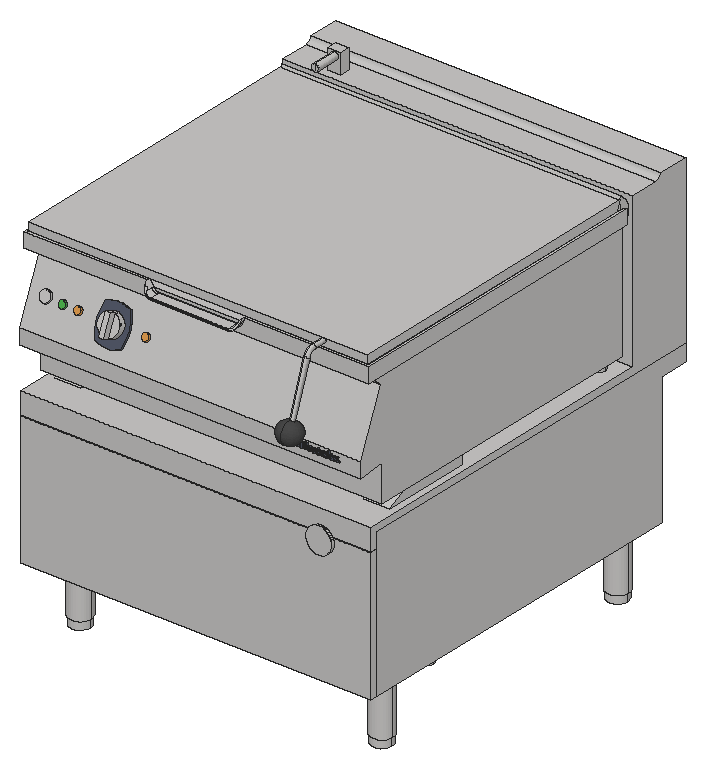
Revit family "QF_ELECTROLUXPROFESSIONAL_391137_E9BRGHDOFM", category Specialty Equipment, Revit 2018
Family settings
  Round Connector Dimension = Use Diameter
  Part Type = Normal
  Work Plane-Based = No
  Always vertical = Yes
  Cut with Voids When Loaded = No
  Shared = No
  Room Calculation Point = No
Parameters
  Width = 800 mm  # constant formula
  Weight in Pounds = 150  # constant formula
  Watts = 250 VA  # 250 W
  Volts = 230 V  # constant formula
  URL Cutsheet = "www.electrolux.com"
  URL = "www.electrolux.com"
  Type Mark [instance] = ""
  Status [instance] = ""
  Specification by User [instance] = ""
  Specification by Manufacturer = ""
  Show Logo [instance] = yes
  Show Clearance [instance] = yes
  Serial Number = ""
  Seismic Rating = ""
  SMACNA No = ""
  Revision Code [instance] = ""
  Plumbing Remarks [instance] = ""
  Plumbing Connection Type [instance] = ""
  Phase = 1
  Omniclass Number and Title = ""
  Number of Poles [instance] = 1
  NAFEM Spec ID Number = ""
  Model = "391137"
  Min Ckt Ampacity = 0 A
  Mechanical Remarks [instance] = ""
  Mechanical Connection Type [instance] = ""
  Max Overcurrent Protection = 0 A
  Masterspec = ""
  Manufacturer = "ELECTROLUX"
  Item Number [instance] = ""
  Installed By [instance] = ""
  Identify Quantity as Lot [instance] = yes
  Height = 850 mm  # constant formula
  HP = "0.1 HP"
  Gas Size = 12.7 mm  # 1/2"
  Gas RI Height [instance] = 0 mm
  Gas KW = 21  # constant formula
  Gas Input = 20980.7 VA  # 71589.0 Btu/h
  Gas Connection Height [instance] = 0 mm
  Furnished By [instance] = ""
  Foodservice Equipment Identifier [instance] = yes
  FL Amps = if(Phase = 3, Watts / (Volts * 1.73), Watts / Volts)  # 1.08696 A
  Electrical Remarks [instance] = "230 V/1N ph/50/60 Hz"  # constant formula
  Electric Connection Type [instance] = ""
  Elec Conn RI Height [instance] = 0 mm
  Elec Conn Connection Height [instance] = 0 mm
  Direct Waste Size = 0"
  Description = "900XP GAS BRATT PAN – 80 LITER WITH DUOMAT BOTTOM AND AUTOMATIC TILTING"
  Depth = 915 mm  # constant formula
  Cycle [instance] = if([60 Hertz Option], 60 Hz, 50 Hz)  # 60 Hz
  Conn Plug = ""
  Conn Conduit = yes
  Cold Water Temperature Recommended [instance] = -459.67 °F
  Cold Water Size = 3/4"
  Cold Water RI Height [instance] = 0 mm
  Cold Water Minimum Pressure = 0.00 psi
  Cold Water Maximum Pressure = 0.00 psi
  Cold Water Flow [instance] = 0 GPM
  Cold Water Consumption = ""
  Cold Water Connection Height = 0 mm
  CSI MasterFormat = ""
  CSI Master Format = ""
  Assembly Code = ""
  Apparent Power = if(Phase = 3, Volts * FL Amps * 1.73, Volts * FL Amps)  # 250 VA
  60 Hertz Option [instance] = not([50 Hertz Option])  # yes
  50 Hertz Option [instance] = no
Reference planes
  plane 1 "BACK": y = 0
  plane 2: z = 0
  plane 3 "LEFT": x = 0
  plane 4 "RIGHT": x = 800
  plane 5 "FRONT": y = -915
  plane 6 "TOP": z = 898
  plane 7 "Center Y": x = 400
  plane 8 "Center X": y = -457.5
  plane 9 "Base": z = 149
  plane 10: z = 502.193
  plane 11: z = 1653
  plane 12: y = -125
  plane 13: y = -799
  plane 14: x = 55
  plane 15: y = -160.853
  plane 16: x = 745
  plane 17: y = -1014
  plane 18: y = -899.182
  plane 19: x = 786
  plane 20: z = 850
  plane 21 "Connection": z = 182
  plane 22: y = -706
  plane 23: x = 265
  plane 24: x = 105
  plane 25: x = 195
Forms (mm)
  Revolve 1, solid, material "QF_Finishes_Stainless Steel"
    sketch origin (0, -125, 0) x (1, 0, 0) y (0, 0, 1)
      loop
        line (55, 0) -> (55, 149) -> (29.6, 149) -> (29.6, 19.05) -> (32.1, 19.05) -> (32.1, 0) -> (55, 0)
      axis (55, 0) -> (55, 149)
    angle from 0 to 360
  Revolve 2, solid, material "QF_Finishes_Stainless Steel"
    sketch origin (0, -799, 0) x (1, 0, 0) y (0, 0, 1)
      loop
        line (55, 0) -> (55, 149) -> (29.6, 149) -> (29.6, 19.05) -> (32.1, 19.05) -> (32.1, 0) -> (55, 0)
      axis (55, 0) -> (55, 149)
    angle from 0 to 360
  Extrusion 3, solid, material "QF_Finishes_Stainless Steel"
    sketch origin (0, -214.682, 0) x (0, 1, 0) y (0, 0, 1)
      loop
        line (214.682, 487.193) -> (214.682, 866.248) -> (143.055, 866.248)
        arc (143.055, 866.248) -> (139.432, 857.502) -> (130.686, 853.88) r 12.368
        line (130.686, 853.88) -> (64.682, 853.88) -> (64.682, 502.193) -> (-684.5, 502.193) -> (-684.5, 452.193) -> (-669.5, 452.193) -> (-669.5, 487.193) -> (214.682, 487.193)
      loop
        line (-669.5, 149) -> (-669.5, 451.193) -> (-684.5, 451.193) -> (-684.5, 149) -> (-669.5, 149)
    from 0 to 800
  Extrusion 4, solid, material "QF_Finishes_Stainless Steel"
    sketch origin (0, -214.682, 0) x (0, 1, 0) y (0, 0, 1)
      loop
        line (44.029, 528.406) -> (44.029, 817.127) -> (-678.5, 817.127) -> (-678.5, 809.681) -> (-643.264, 774.446) -> (-700.318, 641.094) -> (-700.318, 606.094) -> (-640.765, 613.406) -> (-640.765, 528.406) -> (44.029, 528.406)
    from 10 to 790
  Sweep 5, solid, material "QF_Finishes_Stainless Steel"
    path origin (0, -204.882, 145) x (-1, 0, 0) y (0, -1, 0)
      loop
        line (-290, 694.3) -> (-5, 694.3) -> (-5, -44.029) -> (-795, -44.029) -> (-795, 694.3) -> (-510, 694.3)
    profile origin (652.5, -899.182, 145) x (0, -1, 0) y (0, 0, 1)
      loop
        line (-5, 651.359) -> (0, 651.359) -> (0, 685.301) -> (-6, 685.301) -> (-6, 681.062) -> (-5, 681.062) -> (-5, 651.359)
  Extrusion 6, solid, material "QF_Finishes_Stainless Steel"
    sketch origin (0, -214.682, -5) x (0, 1, 0) y (0, 0, 1)
      loop
        line (33.715, 835.301) -> (42.572, 855) -> (-677.138, 855) -> (-677.138, 835.301) -> (33.715, 835.301)
      loop
        arc (64.305, 837.022) -> (57.071, 850.749) -> (45.92, 861.539) r 49.182
        line (45.92, 861.539) -> (39.069, 846.301) -> (45.904, 846.301) -> (45.904, 832.604) -> (64.305, 814.204) -> (64.305, 837.022)
    from 12.363 to 787.637
  Extrusion 7, solid, material "QF_Finishes_Stainless Steel"
    sketch origin (0, -214.682, 0) x (0, 1, 0) y (0, 0, 1)
      loop
        line (-403.818, 528.406) -> (-556.057, 528.406) -> (-609.801, 502.193) -> (-403.818, 502.193) -> (-403.818, 528.406)
    from 16.63 to 76.513
  Extrusion 8, solid, material "QF_Finishes_Stainless Steel"
    sketch origin (0, -207.182, 150) x (-1, 0, 0) y (0, -1, 0)
      loop
        circle (-46.571, -17.496) r 15
      loop
        circle (-753.429, -17.496) r 15
    from 352.193 to 383.406
  Extrusion 9, solid, material "QF_Finishes_Stainless Steel"
    sketch origin (0, -64.682, 0) x (0, 1, 0) y (0, 0, 1)
      loop
        line (-43.387, 853.88) -> (-43.387, 898) -> (-67.444, 898) -> (-67.444, 853.88) -> (-43.387, 853.88)
    from 87.469 to 116.843
  Revolve 10, solid, material "QF_Finishes_Stainless Steel"
    sketch origin (103.25, -64.682, 0) x (0, 1, 0) y (0, 0, 1)
      loop
        line (-67.444, 888.097) -> (-67.444, 896.222) -> (-123.629, 896.222) -> (-123.629, 888.097) -> (-67.444, 888.097)
      axis (-123.629, 888.097) -> (-67.444, 888.097)
    angle from 0 to 360
  Extrusion 11, solid, material "QF_Clearances", visible <- "Show Clearance", detail levels coarse
    sketch origin (0, -214.682, 0) x (1, 0, 0) y (0, 1, 0)
      loop
        line (800, 214.682) -> (800, -700.318) -> (850, -700.318) -> (850, 264.682) -> (-50, 264.682) -> (-50, -700.318) -> (0, -700.318) -> (0, 214.682) -> (800, 214.682)
    from 0 to 898
  Extrusion 12, solid, material "QF_Finishes_Stainless Steel"
    sketch origin (800, 0, 0) x (0, 1, 0) y (0, 0, 1)
      loop
        line (-884.182, 149) -> (-69, 149) -> (-69, 448) -> (0, 448) -> (0, 487.193) -> (-884.182, 487.193) -> (-884.182, 149)
    from 0 to -800
  Revolve 13, solid, material "QF_Finishes_Stainless Steel"
    sketch origin (1000, -125, 0) x (-1, 0, 0) y (0, 0, -1)
      loop
        line (255, 0) -> (232.1, 0) -> (232.1, -19.05) -> (229.6, -19.05) -> (229.6, -149) -> (255, -149) -> (255, 0)
      axis (255, 0) -> (255, -149)
    angle from 0 to 360
  Revolve 14, solid, material "QF_Finishes_Stainless Steel"
    sketch origin (1000, -799, 0) x (-1, 0, 0) y (0, 0, -1)
      loop
        line (255, 0) -> (232.1, 0) -> (232.1, -19.05) -> (229.6, -19.05) -> (229.6, -149) -> (255, -149) -> (255, 0)
      axis (255, 0) -> (255, -149)
    angle from 0 to 360
  Sweep 15, solid, material "QF_Finishes_Stainless Steel"
    path origin (8.84, -214.682, -10) x (0, 1, 0) y (0, 0, 1)
      loop
        line (-677.138, 852.831) -> (-705.492, 852.831)
        arc (-705.492, 852.831) -> (-716.963, 849.214) -> (-724.286, 839.672) r 20
        line (-724.286, 839.672) -> (-765.322, 726.924)
    profile origin (8.84, -905.997, 842.831) x (0, 0, -1) y (1, 0, 0)
      loop
        circle (0, 676.16) r 5
  Revolve 16, solid, material "QF_Finishes_Black"
    sketch origin (685, -194.682, 0) x (0, 1, 0) y (0, 0, 1)
      loop
        line (-785.322, 716.924) -> (-792.738, 719.623)
        arc (-792.738, 719.623) -> (-818.978, 701.075) -> (-800.713, 674.638) r 22.845
        line (-800.713, 674.638) -> (-785.322, 716.924)
      axis (-785.322, 716.924) -> (-800.713, 674.638)
    angle from 0 to 360
  Extrusion 17, solid, material "QF_Finishes_Stainless Steel"
    sketch origin (800, -69, 149) x (-1, 0, 0) y (0, 1, 0)
      loop
        circle (14, -649.182) r 12.7
    from 0 to 5
  Extrusion 18, solid, material "QF_Finishes_Stainless Steel"
    sketch origin (-3.75, -899.182, 149) x (0, 0, 1) y (-1, 0, 0)
      loop
        circle (289.443, -688.75) r 30
    from 0 to 5
  Extrusion 19, solid, material "QF_Finishes_Stainless Steel"
    sketch origin (800, -214.682, 0) x (0, 1, 0) y (0, 0, -1)
      loop
        line (-403.818, -528.406) -> (-403.818, -502.193) -> (-609.801, -502.193) -> (-556.057, -528.406) -> (-403.818, -528.406)
    from 16.63 to 76.513
  Extrusion 20, solid, material "QF_Finishes_Stainless Steel"
    sketch origin (0, 0, 182) x (-1, 0, 0) y (0, -1, 0)
      loop
        circle (-105, 706) r 6.35
    from 0 to 45
  Extrusion 21, solid, material "QF_Finishes_Stainless Steel"
    sketch origin (21.213, 21.213, 182) x (-1, 0, 0) y (0, -1, 0)
      loop
        circle (-173.787, 719.213) r 6.35
    from 0 to 45
  Extrusion 22, solid, material "QF_Finishes_Stainless Steel"
    sketch origin (130, 0, 182) x (-1, 0, 0) y (0, -1, 0)
      loop
        circle (-135, 706) r 6.35
    from 0 to 45
  Extrusion 23, solid, material "QF_Finishes_Stainless Steel"
    sketch origin (0, -201.682, -15.905) x (1, 0, 0) y (0, 0, 1)
      loop
        line (509.996, 839.805) -> (509.996, 846.205) -> (502.677, 833.527)
        arc (502.677, 833.527) -> (496.674, 827.524) -> (488.474, 825.327) r 16.4
        line (488.474, 825.327) -> (311.526, 825.327)
        arc (311.526, 825.327) -> (303.32, 827.526) -> (297.312, 833.534) r 16.413
        line (297.312, 833.534) -> (289.996, 846.205) -> (289.996, 839.805) -> (294.541, 831.934)
        arc (294.541, 831.934) -> (301.72, 824.755) -> (311.526, 822.127) r 19.613
        line (311.526, 822.127) -> (488.474, 822.127)
        arc (488.474, 822.127) -> (498.274, 824.753) -> (505.448, 831.927) r 19.6
        line (505.448, 831.927) -> (509.996, 839.805)
    from 697.5 to 717.595
  Extrusion 24, void
    sketch origin (900, 188.397, 1219.2) x (0, -1, 0) y (0, 0, 1)
      loop
        line (1110.167, -415.736) -> (1110.167, -387.945) -> (1093.05, -387.945) -> (1110.167, -415.736)
    from 390 to 610
  Extrusion 25, solid, material "QF_Finishes_Navy Blue"
    sketch origin (-55.546, -1052.067, 320.727) x (0, 0.393353, 0.919387) y (-1, 0, 0)
      loop
        arc (453.989, -230.321) -> (416.907, -221.34) -> (379.375, -228.202) r 91.844
        arc (379.375, -228.202) -> (372.249, -258.844) -> (379.375, -289.487) r 69.441
        arc (379.375, -289.487) -> (416.897, -296.198) -> (453.989, -287.419) r 93.759
        arc (453.989, -287.419) -> (460.218, -258.87) -> (453.989, -230.321) r 68.543
    from 0 to 3.175
  Extrusion 26, solid, material "QF_Finishes_Orange"
    sketch origin (9.372, -901.482, 672.689) x (0, 0.393353, 0.919387) y (-1, 0, 0)
      loop
        circle (34.513, -113.251) r 8
    from 0 to 3.175
  Extrusion 27, solid, material "QF_Finishes_Green"
    sketch origin (14.068, -901.51, 672.624) x (0, 0.393353, 0.919387) y (-1, 0, 0)
      loop
        circle (34.513, -73.251) r 8
    from 0 to 3.175
  Extrusion 28, solid, material "QF_Finishes_Stainless Steel"
    sketch origin (-159.296, -918.156, 641.79) x (0, 0.393353, 0.919387) y (-1, 0, 0)
      loop
        circle (68.826, -362.213) r 25.4
    from 0 to 12.7
  Extrusion 29, solid, material "QF_Finishes_Stainless Steel"
    sketch origin (-159.296, -929.832, 646.786) x (0, 0.393353, 0.919387) y (-1, 0, 0)
      loop
        arc (93.558, -367.999) -> (94.226, -362.213) -> (93.558, -356.427) r 25.4
        line (93.558, -356.427) -> (44.094, -356.427)
        arc (44.094, -356.427) -> (43.426, -362.213) -> (44.094, -367.999) r 25.4
        line (44.094, -367.999) -> (93.558, -367.999)
    from 0 to 12.7
  Extrusion 30, solid, material "QF_Finishes_Stainless Steel"
    sketch origin (10.937, -915, 641.094) x (0, 0.393353, 0.919387) y (-1, 0, 0)
      loop
        circle (71.473, -36.635) r 12.7
    from 0 to 3.2
  Extrusion 31, solid, material "QF_Finishes_Orange"
    sketch origin (164.372, -901.482, 672.689) x (0, 0.393353, 0.919387) y (-1, 0, 0)
      loop
        circle (34.513, -113.251) r 8
    from 0 to 3.175
  Extrusion 32, solid, material "QF_Clearances", visible <- "Show Clearance", detail levels coarse
    sketch origin (0, -996.643, 709.193) x (0, 0.238373, -0.971174) y (0, 0.971174, 0.238373)
      loop
        line (33.715, 835.301) -> (42.572, 855) -> (-677.138, 855) -> (-677.138, 835.301) -> (33.715, 835.301)
      loop
        arc (64.305, 837.022) -> (57.071, 850.749) -> (45.92, 861.539) r 49.182
        line (45.92, 861.539) -> (39.069, 846.301) -> (45.904, 846.301) -> (45.904, 832.604) -> (64.305, 814.204) -> (64.305, 837.022)
    from 12.363 to 787.637
  Sweep 33, solid, material "QF_Clearances", visible <- "Show Clearance", detail levels coarse
    path origin (8.84, -1001.499, 708.002) x (0, 0.238373, -0.971174) y (0, 0.971174, 0.238373)
      loop
        line (-677.138, 852.831) -> (-705.492, 852.831)
        arc (-705.492, 852.831) -> (-716.963, 849.214) -> (-724.286, 839.672) r 20
        line (-724.286, 839.672) -> (-765.322, 726.924)
    profile origin (8.84, -338.043, 1582.68) x (0, -0.971174, -0.238373) y (1, 0, 0)
      loop
        circle (0, 676.16) r 5
  Revolve 34, solid, material "QF_Clearances", visible <- "Show Clearance", detail levels coarse
    sketch origin (685, -987.02, 690.962) x (0, 0.238373, -0.971174) y (0, 0.971174, 0.238373)
      loop
        line (-785.322, 716.924) -> (-792.738, 719.623)
        arc (-792.738, 719.623) -> (-818.978, 701.075) -> (-800.713, 674.638) r 22.845
        line (-800.713, 674.638) -> (-785.322, 716.924)
      axis (-785.322, 716.924) -> (-800.713, 674.638)
    angle from 0 to 360
  Extrusion 35, solid, material "QF_Finishes_Navy Blue", visible <- "Show Logo"
    sketch origin (486.175, -915, 608.853) x (0, 0, 1) y (-1, 0, 0)
      loop
        line (27.359, -159.055) -> (14.993, -159.055)
        arc (14.993, -159.055) -> (21.176, -163.626) -> (27.359, -159.055) r 6.467
      loop
        arc (27.359, -158.426) -> (26.19, -153.283) -> (21.534, -150.805) r 6.338
        line (21.534, -150.805) -> (21.534, -152.851)
        arc (21.534, -152.851) -> (23.018, -156.506) -> (26.464, -158.426) r 5.941
        line (26.464, -158.426) -> (27.359, -158.426)
      loop
        arc (15.888, -158.426) -> (19.334, -156.506) -> (20.817, -152.851) r 5.941
        line (20.817, -152.851) -> (20.817, -150.805)
        arc (20.817, -150.805) -> (16.123, -153.279) -> (14.834, -158.426) r 6.504
        line (14.834, -158.426) -> (15.888, -158.426)
      loop
        line (28.034, -150.336) -> (14.29, -150.336) -> (14.29, -164.099) -> (28.034, -164.099) -> (28.034, -150.336)
      loop
        arc (28.118, -167.066) -> (27.77, -166.709) -> (27.403, -167.047) r 0.358
        arc (27.403, -167.047) -> (27.089, -167.797) -> (26.372, -168.182) r 1.216
        line (26.372, -168.182) -> (15.959, -168.182)
        arc (15.959, -168.182) -> (15.299, -167.904) -> (14.903, -167.308) r 1.238
        arc (14.903, -167.308) -> (14.509, -167.057) -> (14.203, -167.411) r 0.358
        line (14.203, -167.411) -> (14.203, -177.29) -> (16.954, -177.29) -> (16.954, -176.393)
        arc (16.954, -176.393) -> (16.045, -175.813) -> (15.589, -174.836) r 1.928
        line (15.589, -174.836) -> (15.589, -172.337)
        arc (15.589, -172.337) -> (15.865, -171.608) -> (16.553, -171.244) r 1.101
        line (16.553, -171.244) -> (20.64, -171.244) -> (20.64, -174.917)
        arc (20.64, -174.917) -> (20.287, -175.414) -> (19.722, -175.642) r 1.083
        arc (19.722, -175.642) -> (19.459, -175.948) -> (19.751, -176.226) r 0.292
        line (19.751, -176.226) -> (22.713, -176.226)
        arc (22.713, -176.226) -> (23.016, -175.953) -> (22.777, -175.623) r 0.305
        arc (22.777, -175.623) -> (22.286, -175.375) -> (21.981, -174.917) r 1.083
        line (21.981, -174.917) -> (21.981, -171.244) -> (26.659, -171.244) -> (26.659, -174.991)
        arc (26.659, -174.991) -> (26.444, -175.747) -> (25.838, -176.245) r 1.314
        arc (25.838, -176.245) -> (25.619, -176.649) -> (25.973, -176.941) r 0.361
        line (25.973, -176.941) -> (28.118, -176.941) -> (28.118, -167.066)
      loop
        arc (27.4, -177.722) -> (27.02, -178.641) -> (26.101, -179.021) r 1.299
        line (26.101, -179.021) -> (16.522, -179.021)
        arc (16.522, -179.021) -> (15.684, -178.643) -> (15.413, -177.765) r 1.118
        line (15.413, -177.765) -> (14.203, -177.765) -> (14.203, -183.115) -> (15.391, -183.115)
        arc (15.391, -183.115) -> (15.663, -182.198) -> (16.533, -181.802) r 1.153
        line (16.533, -181.802) -> (28.605, -181.802) -> (27.4, -177.722)
      loop
        line (19.168, -185.751) -> (19.168, -192.198) -> (19.967, -192.198)
        arc (19.967, -192.198) -> (22.547, -191.214) -> (23.816, -188.76) r 3.874
        line (23.816, -188.76) -> (23.816, -187)
        arc (23.816, -187) -> (22.629, -184.135) -> (19.765, -182.949) r 4.051
        line (19.765, -182.949) -> (17.757, -182.949)
        arc (17.757, -182.949) -> (14.938, -184.434) -> (13.887, -187.441) r 4.352
        arc (13.887, -187.441) -> (14.251, -189.904) -> (15.629, -191.978) r 5.713
        line (15.629, -191.978) -> (16.578, -191.978)
        arc (16.578, -191.978) -> (15.845, -190.409) -> (15.629, -188.691) r 5.579
        arc (15.629, -188.691) -> (16.422, -186.728) -> (18.301, -185.751) r 3.057
        line (18.301, -185.751) -> (19.168, -185.751)
      loop
        line (20.427, -185.751) -> (20.427, -189.333)
        arc (20.427, -189.333) -> (21.884, -189.38) -> (22.767, -188.221) r 1.59
        line (22.767, -188.221) -> (22.767, -187.391)
        arc (22.767, -187.391) -> (21.902, -186.136) -> (20.427, -185.751) r 2.184
      loop
        arc (23.218, -201.616) -> (23.707, -199.942) -> (23.864, -198.205) r 9.023
        line (23.864, -198.205) -> (23.864, -196.843)
        arc (23.864, -196.843) -> (22.705, -194.043) -> (19.905, -192.883) r 3.959
        line (19.905, -192.883) -> (17.305, -192.883)
        arc (17.305, -192.883) -> (15.023, -194.176) -> (13.906, -196.549) r 4.331
        line (13.906, -196.549) -> (13.906, -198.684)
        arc (13.906, -198.684) -> (14.414, -200.234) -> (15.336, -201.58) r 5.772
        arc (15.336, -201.58) -> (16.098, -201.631) -> (16.184, -200.872) r 0.553
        arc (16.184, -200.872) -> (15.796, -200.138) -> (15.662, -199.319) r 2.573
        line (15.662, -199.319) -> (15.662, -197.804)
        arc (15.662, -197.804) -> (16.668, -196.162) -> (18.483, -195.52) r 2.884
        line (18.483, -195.52) -> (19.762, -195.52)
        arc (19.762, -195.52) -> (21.583, -196.08) -> (22.509, -197.745) r 2.554
        line (22.509, -197.745) -> (22.509, -198.798)
        arc (22.509, -198.798) -> (22.178, -199.726) -> (21.521, -200.461) r 2.564
        arc (21.521, -200.461) -> (21.299, -201.178) -> (21.909, -201.616) r 0.643
        line (21.909, -201.616) -> (23.218, -201.616)
      loop
        line (22.2, -201.886) -> (22.2, -203.387) -> (16.152, -203.387)
        arc (16.152, -203.387) -> (14.564, -204.045) -> (13.906, -205.633) r 2.246
        line (13.906, -205.633) -> (13.906, -207.217)
        arc (13.906, -207.217) -> (14.22, -208.081) -> (14.72, -208.853) r 4.06
        arc (14.72, -208.853) -> (15.453, -208.986) -> (15.704, -208.285) r 0.576
        arc (15.704, -208.285) -> (15.598, -207.759) -> (15.662, -207.227) r 1.69
        arc (15.662, -207.227) -> (16.204, -206.439) -> (17.11, -206.136) r 1.506
        line (17.11, -206.136) -> (22.248, -206.136) -> (22.248, -208.533) -> (22.805, -209.089) -> (23.626, -209.089) -> (23.626, -206.23) -> (26.857, -206.23) -> (22.2, -201.886)
      loop
        line (14.124, -209.987) -> (14.124, -215.374) -> (15.234, -215.374)
        arc (15.234, -215.374) -> (15.627, -214.423) -> (16.578, -214.029) r 1.345
        line (16.578, -214.029) -> (20.195, -214.029)
        arc (20.195, -214.029) -> (20.959, -214.621) -> (21.249, -215.543) r 1.615
        line (21.249, -215.543) -> (21.249, -217.099) -> (23.805, -217.784) -> (23.805, -216.401) -> (21.862, -213.842) -> (23.742, -213.842) -> (23.458, -211.136)
        arc (23.458, -211.136) -> (23.018, -210.606) -> (22.359, -210.807) r 0.621
        arc (22.359, -210.807) -> (21.959, -211.149) -> (21.465, -211.332) r 1.501
        line (21.465, -211.332) -> (16.578, -211.332)
        arc (16.578, -211.332) -> (15.627, -210.938) -> (15.234, -209.987) r 1.345
        line (15.234, -209.987) -> (14.124, -209.987)
      loop
        line (20.225, -217.321) -> (17.533, -217.321)
        arc (17.533, -217.321) -> (15.088, -218.629) -> (13.954, -221.159) r 4.288
        arc (13.954, -221.159) -> (13.89, -222.54) -> (13.954, -223.92) r 15.022
        arc (13.954, -223.92) -> (15.088, -226.451) -> (17.533, -227.758) r 4.288
        line (17.533, -227.758) -> (20.225, -227.758)
        arc (20.225, -227.758) -> (22.671, -226.451) -> (23.805, -223.92) r 4.288
        arc (23.805, -223.92) -> (23.868, -222.54) -> (23.805, -221.159) r 15.022
        arc (23.805, -221.159) -> (22.671, -218.629) -> (20.225, -217.321) r 4.288
      loop
        line (20.43, -220.435) -> (17.328, -220.435)
        arc (17.328, -220.435) -> (15.171, -222.592) -> (17.328, -224.749) r 2.157
        line (17.328, -224.749) -> (20.43, -224.749)
        arc (20.43, -224.749) -> (22.587, -222.592) -> (20.43, -220.435) r 2.157
      loop
        arc (27.411, -227.616) -> (27.041, -228.51) -> (26.147, -228.881) r 1.264
        line (26.147, -228.881) -> (16.282, -228.881)
        arc (16.282, -228.881) -> (15.412, -228.484) -> (15.141, -227.568) r 1.153
        line (15.141, -227.568) -> (14.203, -227.568) -> (14.203, -232.676) -> (15.131, -232.676)
        arc (15.131, -232.676) -> (15.49, -231.904) -> (16.282, -231.589) r 1.153
        line (16.282, -231.589) -> (28.605, -231.589) -> (27.411, -227.616)
      loop
        arc (22.531, -232.213) -> (22.332, -233.278) -> (21.363, -233.76) r 1.215
        line (21.363, -233.76) -> (16.343, -233.76)
        arc (16.343, -233.76) -> (14.728, -234.407) -> (14.008, -235.99) r 2.338
        line (14.008, -235.99) -> (14.008, -237.505)
        arc (14.008, -237.505) -> (14.182, -238.509) -> (14.684, -239.395) r 2.979
        line (14.684, -239.395) -> (14.203, -241.192) -> (14.203, -242.88) -> (23.629, -242.88) -> (23.335, -238.677) -> (22.548, -238.677)
        arc (22.548, -238.677) -> (22.192, -239.513) -> (21.44, -240.022) r 1.605
        line (21.44, -240.022) -> (16.337, -240.022)
        arc (16.337, -240.022) -> (15.917, -239.085) -> (15.844, -238.061) r 2.94
        arc (15.844, -238.061) -> (16.405, -236.96) -> (17.558, -236.517) r 1.724
        line (17.558, -236.517) -> (23.755, -236.517) -> (22.531, -232.213)
      loop
        line (23.559, -243.734) -> (21.887, -245.78) -> (18.713, -248.086) -> (15.257, -244.974)
        arc (15.257, -244.974) -> (15.02, -244.58) -> (15.042, -244.121) r 0.789
        line (15.042, -244.121) -> (14.203, -244.121) -> (14.203, -247.666) -> (15.029, -247.666)
        arc (15.029, -247.666) -> (15.372, -247.304) -> (15.862, -247.396) r 0.52
        line (15.862, -247.396) -> (17.661, -248.867) -> (15.543, -250.242)
        arc (15.543, -250.242) -> (15.142, -249.932) -> (15.055, -249.433) r 0.7
        line (15.055, -249.433) -> (14.203, -249.433) -> (14.203, -255.36) -> (15.09, -255.36)
        arc (15.09, -255.36) -> (15.157, -254.701) -> (15.552, -254.17) r 1.247
        line (15.552, -254.17) -> (19.751, -250.889) -> (22.198, -252.942) -> (23.559, -254.684) -> (23.559, -250.96) -> (22.074, -251.383) -> (20.553, -250.106) -> (22.253, -248.916) -> (23.559, -249.692) -> (23.559, -243.734)
    from 0 to 1.644
  Extrusion 36, solid, material "QF_Finishes_Stainless Steel"
    sketch origin (290, -899.182, 830.301) x (-1, 0, 0) y (0, 0, -1)
      loop
        line (0.004, 33.941) -> (-220, 33.941) -> (-220, -0.006) -> (-212.677, 12.678)
        arc (-212.677, 12.678) -> (-206.674, 18.681) -> (-198.474, 20.878) r 16.4
        line (-198.474, 20.878) -> (-21.526, 20.878)
        arc (-21.526, 20.878) -> (-13.32, 18.679) -> (-7.312, 12.672) r 16.413
        line (-7.312, 12.672) -> (0.004, 0) -> (0.004, 33.941)
    from 0 to -6
Cuts and joins
  Extrusion 24 cuts Extrusion 23
  joined: Sweep 5, Extrusion 23, Extrusion 36
Lines and regions (mm)
  symbolic lines
    curve 1: line (10, -915, 149) -> (197.131, -915, 149)
    curve 2: line (0, -899.182, 149) -> (280.622, -899.182, 149)
    curve 3: line (5, -160.853, 149) -> (5, -899.182, 149)
    curve 4: line (0, 0, 149) -> (0, -899.182, 149)
    curve 5: line (800, -899.182, 149) -> (800, 0, 149)
    curve 6: line (5, -160.853, 149) -> (95.125, -160.853, 149)
    curve 7: line (789, -171.653, 149) -> (111.375, -171.653, 149)
    curve 8: line (0, -71.628, 149) -> (800, -71.628, 149)
    curve 9: line (111.375, -160.853, 149) -> (795, -160.853, 149)
    curve 10: line (95.125, -172.111, 149) -> (12.363, -172.111, 149)
    curve 11: line (90.942, -172.111, 149) -> (90.942, -192.672, 149)
    curve 12: line (117.192, -171.653, 149) -> (117.192, -192.672, 149)
    curve 13: arc (90.942, -192.672, 149) -> (104.067, -205.797, 149) -> (117.192, -192.672, 149) r 13.125
    curve 14: line (504.543, -915, 149) -> (680, -915, 149)
    curve 15: line (12.363, -891.82, 149) -> (787.637, -891.82, 149)
    curve 16: line (0, 0, 149) -> (800, 0, 149)
    curve 20: line (680, -980.005, 149) -> (680, -891.82, 149)
    curve 21: line (690, -980.005, 149) -> (690, -891.82, 149)
    curve 22: spline (685, -987.42, 149) -> (686.603, -987.265, 149) -> (688.14, -986.808, 149) -> (689.545, -986.066, 149) -> (690.761, -985.072, 149) -> (691.737, -983.866, 149) -> (692.431, -982.499, 149) -> (692.815, -981.028, 149) -> (692.874, -979.515, 149) -> (692.604, -978.022, 149) -> (692.016, -976.611, 149) -> (691.136, -975.342, 149) -> (690, -974.268, 149)
    curve 23: spline (690, -980.005, 149) -> (689.957, -980.618, 149) -> (689.83, -981.221, 149) -> (689.619, -981.803, 149) -> (689.33, -982.354, 149) -> (688.967, -982.865, 149) -> (688.536, -983.327, 149) -> (688.044, -983.732, 149) -> (687.5, -984.074, 149) -> (686.913, -984.345, 149) -> (686.294, -984.543, 149) -> (685.653, -984.663, 149) -> (685, -984.703, 149)
    curve 24: spline (685, -984.703, 149) -> (684.347, -984.663, 149) -> (683.706, -984.543, 149) -> (683.087, -984.345, 149) -> (682.5, -984.074, 149) -> (681.956, -983.732, 149) -> (681.464, -983.327, 149) -> (681.033, -982.865, 149) -> (680.67, -982.354, 149) -> (680.381, -981.803, 149) -> (680.17, -981.221, 149) -> (680.043, -980.618, 149) -> (680, -980.005, 149)
    curve 25: spline (680, -974.268, 149) -> (678.864, -975.342, 149) -> (677.984, -976.611, 149) -> (677.396, -978.022, 149) -> (677.126, -979.515, 149) -> (677.185, -981.028, 149) -> (677.569, -982.499, 149) -> (678.263, -983.866, 149) -> (679.239, -985.072, 149) -> (680.455, -986.066, 149) -> (681.86, -986.808, 149) -> (683.397, -987.265, 149) -> (685, -987.42, 149)
    curve 26: line (95.125, -188.311, 149) -> (111.375, -188.311, 149)
    curve 27: line (95.125, -132.127, 149) -> (95.125, -188.311, 149)
    curve 28: line (111.375, -188.311, 149) -> (111.375, -132.127, 149)
    curve 29: line (87.469, -132.127, 149) -> (116.843, -132.127, 149)
    curve 30: line (87.469, -108.069, 149) -> (87.469, -132.127, 149)
    curve 31: line (116.843, -108.069, 149) -> (87.469, -108.069, 149)
    curve 32: line (116.843, -132.127, 149) -> (116.843, -108.069, 149)
    curve 33: arc (680, -961.314, 149) -> (685, -1014, 149) -> (690, -961.314, 149) r 26.58
    curve 34: line (0, -150, 182) -> (95.125, -150, 182)
    curve 35: line (800, -150, 182) -> (111.375, -150, 182)
    curve 36: line (12.363, -891.82, 149) -> (12.363, -172.111, 149)
    curve 37: line (787.637, -891.82, 149) -> (787.637, -171.653, 149)
    curve 38: line (790, -915, 182) -> (790, -899.182, 182)
    curve 39: line (10, -899.182, 182) -> (10, -915, 182)
    curve 40: line (795, -160.853, 149) -> (795, -899.182, 149)
    curve 41: line (197.131, -924.708, 149) -> (197.131, -899.182, 149)
    curve 42: line (208.703, -924.708, 149) -> (208.703, -899.182, 149)
    curve 43: line (197.131, -924.708, 149) -> (208.703, -924.708, 149)
    curve 44: line (197.131, -915.021, 149) -> (180.061, -915.021, 149)
    curve 45: line (208.703, -915.021, 149) -> (225.774, -915.021, 149)
    curve 46: spline (208.703, -912.487, 182) -> (212.151, -912.066, 182) -> (215.413, -911.457, 182) -> (218.422, -910.673, 182) -> (221.118, -909.728, 182) -> (223.446, -908.643, 182) -> (225.359, -907.438, 182) -> (226.819, -906.14, 182) -> (227.796, -904.772, 182) -> (228.27, -903.365, 182) -> (228.233, -901.945, 182) -> (227.683, -900.541, 182) -> (226.634, -899.182, 182)
    curve 47: spline (225.812, -907.085, 182) -> (226.505, -906.99, 182) -> (227.196, -906.892, 182) -> (227.884, -906.792, 182) -> (228.569, -906.688, 182) -> (229.251, -906.581, 182) -> (229.93, -906.472, 182) -> (230.606, -906.36, 182) -> (231.28, -906.245, 182) -> (231.95, -906.127, 182) -> (232.617, -906.007, 182) -> (233.28, -905.884, 182) -> (233.941, -905.758, 182)
    curve 48: spline (233.941, -905.758, 182) -> (234.472, -905.225, 182) -> (234.983, -904.689, 182) -> (235.472, -904.15, 182) -> (235.94, -903.608, 182) -> (236.386, -903.063, 182) -> (236.811, -902.515, 182) -> (237.215, -901.965, 182) -> (237.596, -901.413, 182) -> (237.956, -900.858, 182) -> (238.294, -900.302, 182) -> (238.609, -899.743, 182) -> (238.903, -899.182, 182)
    curve 49: spline (197.131, -912.487, 182) -> (193.683, -912.066, 182) -> (190.421, -911.457, 182) -> (187.412, -910.673, 182) -> (184.717, -909.728, 182) -> (182.389, -908.643, 182) -> (180.475, -907.438, 182) -> (179.015, -906.14, 182) -> (178.038, -904.772, 182) -> (177.564, -903.365, 182) -> (177.602, -901.945, 182) -> (178.151, -900.541, 182) -> (179.201, -899.182, 182)
    curve 50: spline (167.58, -899.182, 182) -> (167.88, -899.743, 182) -> (168.203, -900.303, 182) -> (168.549, -900.86, 182) -> (168.917, -901.415, 182) -> (169.307, -901.967, 182) -> (169.72, -902.517, 182) -> (170.154, -903.065, 182) -> (170.611, -903.61, 182) -> (171.09, -904.151, 182) -> (171.59, -904.69, 182) -> (172.112, -905.225, 182) -> (172.656, -905.758, 182)
    curve 51: spline (172.656, -905.758, 182) -> (173.244, -905.87, 182) -> (173.834, -905.98, 182) -> (174.427, -906.088, 182) -> (175.022, -906.194, 182) -> (175.62, -906.297, 182) -> (176.22, -906.398, 182) -> (176.823, -906.498, 182) -> (177.428, -906.594, 182) -> (178.036, -906.689, 182) -> (178.645, -906.781, 182) -> (179.257, -906.871, 182) -> (179.871, -906.959, 182)
    curve 52: line (208.703, -915, 149) -> (295.414, -915, 149)
    curve 53: line (519.371, -899.182, 182) -> (505.448, -914.035, 182)
    curve 54: spline (505.442, -914.033, 182) -> (504.902, -914.595, 182) -> (504.301, -915.14, 182) -> (503.641, -915.666, 182) -> (502.924, -916.17, 182) -> (502.153, -916.653, 182) -> (501.331, -917.111, 182) -> (500.459, -917.544, 182) -> (499.542, -917.95, 182) -> (498.582, -918.327, 182) -> (497.581, -918.675, 182) -> (496.544, -918.992, 182) -> (495.475, -919.277, 182)
    curve 55: line (304.523, -919.277, 182) -> (495.475, -919.277, 182)
    curve 56: line (294.541, -914.031, 182) -> (280.622, -899.182, 182)
    curve 57: spline (304.523, -919.277, 182) -> (303.452, -918.992, 182) -> (302.414, -918.675, 182) -> (301.413, -918.327, 182) -> (300.452, -917.949, 182) -> (299.534, -917.543, 182) -> (298.662, -917.11, 182) -> (297.838, -916.651, 182) -> (297.067, -916.168, 182) -> (296.35, -915.663, 182) -> (295.689, -915.137, 182) -> (295.087, -914.592, 182) -> (294.547, -914.029, 182)
    curve 58: line (519.371, -899.182, 149) -> (680, -899.182, 149)
    curve 59: line (690, -899.182, 149) -> (800, -899.182, 149)
    curve 60: line (690, -915, 149) -> (790, -915, 149)
  symbolic lines, style "QF_Clearances", visible <- "Show Clearance", detail levels coarse
    curve 17: line (-50, 50, 150) -> (-50, -918.182, 150)
    curve 18: line (850, 50, 150) -> (850, -915, 150)
    curve 19: line (850, 50, 150) -> (-50, 50, 150)
Dimensions and locks
  equal spacing: plane 3 "LEFT", plane 7 "Center Y", plane 4 "RIGHT"
  "Width": plane 3 "LEFT" to plane 4 "RIGHT"
  equal spacing: plane 5 "FRONT", plane 8 "Center X", plane 1 "BACK"
  "Depth": plane 5 "FRONT" to plane 1 "BACK"
  plane 9 "Base" to level = 149 mm
  plane 11 to level = 1653 mm
  plane 11 to plane 2 = 1653 mm
  plane 9 "Base" to plane 2 = 149 mm
  plane 13 to plane 12 = 674 mm
  plane 5 "FRONT" to plane 1 "BACK" = 915 mm
  plane 6 "TOP" to plane 2 = 898 mm
  plane 4 "RIGHT" to plane 16 to plane 14 to plane 3 "LEFT" = 55 mm, 690 mm, 55 mm
  plane 1 "BACK" to plane 17 = 1014 mm
  Extrusion 12 to plane 1 "BACK" = 69 mm
  Extrusion 6 to plane 9 "Base" = 701 mm
  plane 2 to Extrusion 12 = 448 mm
  Extrusion 3 to plane 13 = 100.182 mm
  plane 12 to Extrusion 12 = 56 mm
  plane 4 "RIGHT" to plane 19 = 14 mm
  plane 20 to plane 9 "Base" to level = 701 mm, 149 mm
  plane 1 "BACK" to Extrusion 12 = 69 mm
  Extrusion 12 to plane 12 = 56 mm
  plane 12 to plane 13 = 674 mm
  plane 13 to Extrusion 3 = 100.182 mm
  Extrusion 12 to level = 448 mm
  plane 6 "TOP" to level = 898 mm
  plane 21 "Connection" to level = 182 mm
  plane 1 "BACK" to plane 22 = 706 mm
  plane 3 "LEFT" to Extrusion 20 sketch curve = 105 mm
  Extrusion 21 sketch curve to plane 1 "BACK" = 698 mm
  plane 3 "LEFT" to Extrusion 21 sketch curve = 195 mm
  Extrusion 21 to plane 1 "BACK" = 698 mm
  plane 3 "LEFT" to Extrusion 22 sketch curve = 265 mm
  plane 3 "LEFT" to plane 24 = 105 mm
  plane 3 "LEFT" to plane 25 = 195 mm
  plane 3 "LEFT" to plane 23 = 265 mm
  Extrusion 3 to Extrusion 17 = 181 mm
  Extrusion 17 to Extrusion 3 = 181 mm
  "Height": plane 20 to level
  aligned and locked: level to plane 2
  aligned and locked: Extrusion 12 to plane 3 "LEFT"
Automatic sketch dimensions
  Revolve 1 sketch curve to plane 9 "Base" = 0 mm  (x2)
  Revolve 1 sketch curve to level = 0 mm
  Revolve 1 sketch curve to plane 14 = 0 mm  (x2)
  Revolve 1 sketch curve to Revolve 1 sketch curve = 22.9 mm
  Revolve 1 sketch curve to Revolve 1 sketch curve = 2.5 mm
  level to Revolve 1 sketch curve = 19.05 mm
  Revolve 1 sketch curve to plane 21 "Connection" = 13 mm
  Revolve 2 sketch curve to plane 9 "Base" = 0 mm  (x2)
  Revolve 2 sketch curve to level = 0 mm
  Revolve 2 sketch curve to plane 14 = 0 mm  (x2)
  Revolve 2 sketch curve to Revolve 2 sketch curve = 22.9 mm
  Revolve 2 sketch curve to Revolve 2 sketch curve = 2.5 mm
  level to Revolve 2 sketch curve = 19.05 mm
  Revolve 2 sketch curve to plane 21 "Connection" = 13 mm
  Extrusion 7 sketch curve to plane 10 = 0 mm
  Extrusion 7 sketch curve to plane 13 = 25.484 mm
  plane 13 to Extrusion 7 sketch curve = 28.261 mm
  plane 22 to Extrusion 7 sketch curve = 87.5 mm
  plane 10 to Extrusion 7 sketch curve = 26.213 mm
  Extrusion 8 sketch curve to plane 16 = 8.429 mm
  Extrusion 8 sketch curve to plane 14 = 8.429 mm
  Extrusion 8 sketch curve to plane 12 = 64.686 mm  (x2)
  Extrusion 9 sketch curve to plane 6 "TOP" = 0 mm
  Extrusion 9 sketch curve to plane 12 = 7.127 mm
  plane 12 to Extrusion 9 sketch curve = 16.931 mm
  plane 20 to Extrusion 9 sketch curve = 3.88 mm
  Revolve 10 sketch curve to plane 6 "TOP" = 9.903 mm
  Revolve 10 sketch curve to plane 12 = 63.311 mm
  Revolve 10 sketch curve to plane 12 = 7.127 mm
  Revolve 10 sketch curve to Revolve 10 sketch curve = 0 mm  (x2)
  plane 12 to Revolve 10 sketch curve = 1.394 mm
  Revolve 10 sketch curve to plane 6 "TOP" = 1.778 mm
  Revolve 13 sketch curve to plane 9 "Base" = 0 mm  (x2)
  Revolve 13 sketch curve to level = 0 mm
  plane 16 to Revolve 13 sketch curve = 0 mm  (x2)
  Revolve 13 sketch curve to plane 19 = 18.1 mm
  Revolve 13 sketch curve to Revolve 13 sketch curve = 2.5 mm
  Revolve 13 sketch curve to plane 21 "Connection" = 13 mm
  level to Revolve 13 sketch curve = 19.05 mm
  Revolve 14 sketch curve to plane 9 "Base" = 0 mm  (x2)
  Revolve 14 sketch curve to level = 0 mm
  plane 16 to Revolve 14 sketch curve = 0 mm  (x2)
  Revolve 14 sketch curve to plane 19 = 18.1 mm
  Revolve 14 sketch curve to Revolve 14 sketch curve = 2.5 mm
  Revolve 14 sketch curve to plane 21 "Connection" = 13 mm
  level to Revolve 14 sketch curve = 19.05 mm
  plane 17 to Revolve 16 sketch curve = 18.604 mm
  Revolve 16 sketch curve to Revolve 16 sketch curve = 0 mm  (x4)
  plane 17 to Revolve 16 sketch curve = 22.834 mm
  Revolve 16 sketch curve to Revolve 16 sketch curve = 3.746 mm
  Revolve 16 sketch curve to Revolve 16 sketch curve = 7.415 mm
  plane 10 to Revolve 16 sketch curve = 172.444 mm
  Revolve 16 sketch curve to Revolve 16 sketch curve = 22.45 mm
  plane 10 to Extrusion 19 sketch curve = 0 mm
  Extrusion 19 sketch curve to plane 13 = 25.484 mm
  plane 13 to Extrusion 19 sketch curve = 28.261 mm
  plane 22 to Extrusion 19 sketch curve = 87.5 mm
  plane 10 to Extrusion 19 sketch curve = 26.213 mm
  Extrusion 23 sketch curve to Extrusion 23 sketch curve = 0 mm  (x4)
  Extrusion 23 sketch curve to plane 23 = 24.996 mm
  Extrusion 23 sketch curve to Extrusion 23 sketch curve = 4.545 mm
  Extrusion 23 sketch curve to Extrusion 23 sketch curve = 2.771 mm  (x2)
  Extrusion 23 sketch curve to Extrusion 23 sketch curve = 14.214 mm
  Extrusion 23 sketch curve to plane 20 = 40.578 mm
  plane 7 "Center Y" to Extrusion 23 sketch curve = 88.474 mm
  Extrusion 23 sketch curve to plane 20 = 32.378 mm
  Extrusion 23 sketch curve to Extrusion 23 sketch curve = 14.203 mm
  Extrusion 23 sketch curve to plane 20 = 33.978 mm
  Extrusion 23 sketch curve to plane 20 = 19.699 mm
  Extrusion 23 sketch curve to Extrusion 23 sketch curve = 7.32 mm
  Extrusion 23 sketch curve to Extrusion 23 sketch curve = 6.606 mm
  Extrusion 23 sketch curve to Extrusion 23 sketch curve = 6.4 mm  (x2)
  Extrusion 23 sketch curve to Extrusion 23 sketch curve = 7.872 mm
  plane 25 to Extrusion 25 sketch curve = 22.344 mm
  plane 23 to Extrusion 25 sketch curve = 31.059 mm
  Extrusion 25 sketch curve to Extrusion 25 sketch curve = 0 mm
  Extrusion 25 sketch curve to plane 25 = 8.324 mm
  Extrusion 25 sketch curve to Extrusion 25 sketch curve = 12.3 mm  (x2)
  plane 23 to Extrusion 25 sketch curve = 7.4 mm
  Extrusion 25 sketch curve to Extrusion 25 sketch curve = 34.925 mm  (x2)
  Extrusion 25 sketch curve to Extrusion 25 sketch curve = 50.015 mm
  plane 25 to Extrusion 25 sketch curve = 20.225 mm
  Extrusion 26 sketch curve to plane 24 = 17.623 mm
  plane 24 to Extrusion 27 sketch curve = 17.681 mm
  Extrusion 28 sketch curve to plane 25 = 7.917 mm
  Extrusion 29 sketch curve to Extrusion 29 sketch curve = 24.732 mm
  Extrusion 29 sketch curve to Extrusion 29 sketch curve = 0 mm
  Extrusion 30 sketch curve to plane 14 = 7.427 mm
  Extrusion 31 sketch curve to plane 23 = 12.623 mm
  plane 5 "FRONT" to curve 18 = 0 mm
  plane 4 "RIGHT" to curve 18 = 50 mm
  plane 5 "FRONT" to curve 17 = 3.182 mm
  curve 17 to plane 3 "LEFT" = 50 mm
  curve 17 to plane 1 "BACK" = 50 mm
  Extrusion 3 sketch curve to plane 10 = 0 mm
  Extrusion 3 sketch curve to plane 9 "Base" = 0 mm
  Extrusion 3 sketch curve to plane 1 "BACK" = 0 mm
  plane 20 to Extrusion 3 sketch curve = 16.248 mm
  plane 12 to Extrusion 3 sketch curve = 53.372 mm
  Extrusion 3 sketch curve to Extrusion 3 sketch curve = 12.368 mm
  Extrusion 3 sketch curve to plane 12 = 25 mm
  Extrusion 3 sketch curve to plane 5 "FRONT" = 30.818 mm  (x2)
  Extrusion 3 sketch curve to plane 10 = 15 mm
  Extrusion 3 sketch curve to Extrusion 3 sketch curve = 15 mm
  Extrusion 3 sketch curve to plane 5 "FRONT" = 15.818 mm
  Extrusion 3 sketch curve to Extrusion 3 sketch curve = 36 mm
  Extrusion 3 sketch curve to Extrusion 3 sketch curve = 1 mm
  Extrusion 4 sketch curve to plane 5 "FRONT" = 0 mm
  Extrusion 4 sketch curve to plane 5 "FRONT" = 21.818 mm
  Extrusion 4 sketch curve to Extrusion 4 sketch curve = 35.236 mm
  plane 10 to Extrusion 4 sketch curve = 26.213 mm
  Extrusion 4 sketch curve to plane 13 = 56.447 mm
  Extrusion 4 sketch curve to plane 12 = 45.653 mm
  Extrusion 4 sketch curve to Extrusion 4 sketch curve = 77.688 mm
  Extrusion 4 sketch curve to Extrusion 4 sketch curve = 7.312 mm
  Extrusion 4 sketch curve to Extrusion 4 sketch curve = 35 mm
  Extrusion 4 sketch curve to plane 20 = 75.554 mm
  Extrusion 4 sketch curve to plane 20 = 40.319 mm
  Extrusion 4 sketch curve to plane 20 = 32.873 mm
  plane 15 to Sweep 5 sketch curve = 0 mm
  Sweep 5 sketch curve to plane 4 "RIGHT" = 5 mm
  Sweep 5 sketch curve to plane 5 "FRONT" = 15.818 mm  (x2)
  plane 7 "Center Y" to Sweep 5 sketch curve = 110 mm
  Sweep 5 sketch curve to plane 23 = 25 mm
  plane 3 "LEFT" to Sweep 5 sketch curve = 5 mm
  Sweep 5 sketch curve to profile plane = 0 mm
  profile plane to Sweep 5 sketch curve = 5 mm
  Sweep 5 sketch curve to Sweep 5 sketch curve = 1 mm
  profile plane to Sweep 5 sketch curve = 651.359 mm
  Sweep 5 sketch curve to Sweep 5 sketch curve = 29.703 mm
  Sweep 5 sketch curve to Sweep 5 sketch curve = 4.238 mm
  Extrusion 6 sketch curve to plane 20 = 0 mm
  Extrusion 6 sketch curve to plane 5 "FRONT" = 23.18 mm
  Extrusion 6 sketch curve to plane 20 = 33.757 mm
  Extrusion 6 sketch curve to plane 12 = 71.96 mm
  Extrusion 6 sketch curve to plane 20 = 19.699 mm
  Extrusion 6 sketch curve to Extrusion 6 sketch curve = 15.993 mm
  Extrusion 6 sketch curve to plane 20 = 8.699 mm
  Extrusion 6 sketch curve to Extrusion 6 sketch curve = 5.354 mm
  Extrusion 6 sketch curve to Extrusion 6 sketch curve = 3.503 mm
  Extrusion 6 sketch curve to Extrusion 6 sketch curve = 12.189 mm
  Extrusion 6 sketch curve to Extrusion 6 sketch curve = 3.348 mm
  Extrusion 6 sketch curve to Extrusion 6 sketch curve = 18.4 mm
  Extrusion 6 sketch curve to Extrusion 6 sketch curve = 32.097 mm
  Extrusion 6 sketch curve to Extrusion 6 sketch curve = 2.697 mm
  Extrusion 6 sketch curve to plane 20 = 17.978 mm
  plane 5 "FRONT" to Extrusion 11 sketch curve = 0 mm  (x2)
  Extrusion 11 sketch curve to plane 3 "LEFT" = 0 mm
  plane 1 "BACK" to Extrusion 11 sketch curve = 0 mm
  Extrusion 11 sketch curve to plane 4 "RIGHT" = 0 mm
  Extrusion 11 sketch curve to plane 3 "LEFT" = 50 mm
  plane 4 "RIGHT" to Extrusion 11 sketch curve = 50 mm
  Extrusion 11 sketch curve to plane 1 "BACK" = 50 mm
  Extrusion 12 sketch curve to plane 9 "Base" = 0 mm
  Extrusion 12 sketch curve to plane 1 "BACK" = 0 mm
  plane 12 to Extrusion 12 sketch curve = 56 mm
  Extrusion 12 sketch curve to plane 5 "FRONT" = 30.818 mm
  Extrusion 12 sketch curve to plane 10 = 54.193 mm
  Extrusion 12 sketch curve to plane 10 = 15 mm
  Sweep 15 sketch curve to profile plane = 0 mm
  profile plane to Sweep 15 sketch curve = 676.16 mm
  Extrusion 17 sketch curve to Extrusion 12 = 14 mm
  Extrusion 17 sketch curve to Extrusion 12 = 166 mm
  Extrusion 18 sketch curve to Extrusion 3 = 12.75 mm
  Extrusion 3 to Extrusion 18 sketch curve = 115 mm
  Extrusion 20 sketch curve to plane 22 = 0 mm
  Extrusion 22 sketch curve to plane 22 = 0 mm
  Extrusion 24 sketch curve to plane 5 "FRONT" = 10.347 mm
  plane 5 "FRONT" to Extrusion 24 sketch curve = 6.769 mm
  Extrusion 24 sketch curve to plane 20 = 46.536 mm
  Extrusion 24 sketch curve to plane 20 = 18.745 mm
  curve 59 to plane 4 "RIGHT" = 0 mm
  plane 5 "FRONT" to curve 60 = 0 mm
  plane 5 "FRONT" to curve 52 = 0 mm
  plane 5 "FRONT" to curve 1 = 0 mm
  curve 4 to plane 3 "LEFT" = 0 mm
  plane 1 "BACK" to curve 16 = 0 mm
  curve 40 to plane 4 "RIGHT" = 5 mm
  curve 60 to plane 4 "RIGHT" = 10 mm
  plane 19 to curve 7 = 3 mm
  plane 19 to curve 15 = 1.637 mm
  plane 16 to curve 25 = 52.109 mm
  curve 22 to curve 25 = 0 mm
  curve 22 to curve 24 = 2.891 mm
  curve 21 to curve 24 = 0 mm
  curve 21 to curve 23 = 5 mm
  curve 22 to curve 24 = 0 mm  (x2)
  curve 33 to curve 22 = 0 mm  (x2)
  curve 58 to plane 5 "FRONT" = 15.818 mm
  plane 7 "Center Y" to curve 58 = 119.371 mm
  curve 58 to curve 14 = 14.828 mm
  curve 52 to plane 23 = 30.414 mm
  curve 2 to plane 23 = 15.622 mm
  plane 5 "FRONT" to curve 45 = 0.021 mm
  curve 45 to plane 25 = 30.774 mm
  curve 42 to plane 25 = 13.703 mm
  plane 5 "FRONT" to curve 44 = 0.021 mm
  curve 44 to plane 25 = 2.131 mm
  plane 25 to curve 44 = 14.939 mm
  curve 13 to plane 24 = 12.192 mm
  curve 32 to plane 24 = 11.843 mm
  curve 29 to curve 28 = 5.467 mm
  plane 24 to curve 13 = 0.933 mm
  plane 24 to curve 27 = 9.875 mm
  plane 24 to curve 30 = 17.531 mm
  plane 3 "LEFT" to curve 36 = 12.363 mm
  plane 3 "LEFT" to curve 1 = 10 mm
  plane 3 "LEFT" to curve 3 = 5 mm
  plane 12 to curve 8 = 53.372 mm
  plane 12 to curve 31 = 16.931 mm
  curve 28 to plane 12 = 7.127 mm
  curve 28 to curve 9 = 28.727 mm
  curve 3 to plane 12 = 35.853 mm
  curve 9 to curve 7 = 10.8 mm
  curve 6 to curve 11 = 11.257 mm
  curve 7 to curve 28 = 16.658 mm
  curve 26 to curve 12 = 4.36 mm
  curve 36 to plane 5 "FRONT" = 23.18 mm
  curve 41 to curve 1 = 15.818 mm
  curve 45 to curve 43 = 9.687 mm
  plane 5 "FRONT" to curve 33 = 46.314 mm
  curve 33 to curve 25 = 12.954 mm
  curve 25 to curve 22 = 0 mm
  curve 22 to curve 23 = 5.737 mm
  curve 24 to curve 23 = 0 mm
  curve 23 to curve 22 = 2.717 mm
  curve 15 to curve 40 = 7.363 mm
  curve 35 to plane 4 "RIGHT" = 0 mm
  plane 5 "FRONT" to curve 38 = 0 mm
  plane 5 "FRONT" to curve 39 = 0 mm
  curve 34 to plane 3 "LEFT" = 0 mm
  plane 19 to curve 38 = 4 mm
  curve 53 to plane 5 "FRONT" = 15.818 mm
  curve 54 to plane 5 "FRONT" = 5.606 mm
  curve 53 to curve 54 = 11.958 mm
  curve 53 to plane 5 "FRONT" = 0.965 mm
  curve 54 to curve 53 = 1.965 mm
  curve 53 to curve 54 = 0.006 mm
  plane 5 "FRONT" to curve 54 = 4.277 mm
  curve 54 to curve 54 = 9.968 mm
  curve 55 to curve 54 = 8.908 mm
  curve 57 to plane 5 "FRONT" = 5.613 mm
  curve 57 to plane 23 = 48.434 mm
  curve 57 to curve 55 = 8.911 mm
  curve 57 to plane 5 "FRONT" = 0.971 mm
  curve 57 to curve 57 = 9.976 mm
  curve 56 to plane 5 "FRONT" = 0.969 mm
  curve 57 to curve 56 = 0.006 mm
  curve 56 to plane 23 = 15.622 mm
  plane 23 to curve 50 = 7.4 mm
  curve 50 to curve 48 = 18.697 mm
  curve 48 to curve 48 = 4.962 mm
  curve 47 to curve 49 = 5.624 mm
  curve 49 to curve 46 = 1.683 mm  (x2)
  curve 49 to curve 47 = 2.505 mm
  curve 46 to plane 5 "FRONT" = 2.513 mm
  curve 46 to plane 25 = 13.703 mm
  curve 51 to plane 25 = 8.298 mm
  curve 47 to curve 51 = 0 mm  (x3)
  curve 49 to plane 25 = 7.917 mm
  curve 46 to curve 49 = 0 mm
  curve 49 to plane 25 = 2.131 mm
  plane 25 to curve 51 = 15.129 mm
  curve 51 to curve 49 = 0.67 mm
  curve 46 to curve 50 = 4.861 mm
  curve 50 to curve 50 = 5.076 mm
  curve 50 to curve 50 = 1.823 mm
  curve 50 to curve 48 = 18.827 mm
  curve 48 to curve 51 = 13.072 mm
  curve 35 to plane 24 = 6.375 mm
  plane 24 to curve 34 = 9.875 mm
  curve 48 to plane 14 = 1.83 mm
  plane 3 "LEFT" to curve 39 = 10 mm
  curve 49 to plane 5 "FRONT" = 15.818 mm
  curve 56 to curve 57 = 10.205 mm
  curve 50 to curve 49 = 0 mm
  curve 39 to plane 5 "FRONT" = 15.818 mm
  curve 38 to plane 5 "FRONT" = 15.818 mm
  curve 50 to curve 50 = 7.163 mm
  curve 48 to curve 50 = 0 mm
  curve 51 to curve 48 = 10.774 mm
  curve 35 to plane 12 = 25 mm
  curve 34 to curve 35 = 0 mm
  curve 46 to curve 49 = 3.577 mm
  plane 5 "FRONT" to Sweep 15 sketch curve = 23.968 mm
  plane 5 "FRONT" to Sweep 15 sketch curve = 5.174 mm
  Sweep 15 sketch curve to plane 20 = 7.169 mm
  Sweep 15 sketch curve to plane 5 "FRONT" = 23.18 mm
  Sweep 15 sketch curve to plane 20 = 20.328 mm
  plane 17 to Sweep 15 sketch curve = 33.995 mm
  Sweep 15 sketch curve to Sweep 15 sketch curve = 112.748 mm
  Extrusion 32 sketch curve to plane 11 = 87.075 mm
  plane 8 "Center X" to Extrusion 32 sketch curve = 110.667 mm
  Extrusion 32 sketch curve to Extrusion 32 sketch curve = 694.86 mm
  Extrusion 32 sketch curve to Extrusion 32 sketch curve = 15.993 mm
  Extrusion 32 sketch curve to Extrusion 32 sketch curve = 5.354 mm
  Extrusion 32 sketch curve to Extrusion 32 sketch curve = 3.503 mm
  Extrusion 32 sketch curve to Extrusion 32 sketch curve = 12.189 mm
  Extrusion 32 sketch curve to Extrusion 32 sketch curve = 3.348 mm
  Extrusion 32 sketch curve to Extrusion 32 sketch curve = 18.4 mm  (x2)
  Extrusion 32 sketch curve to Extrusion 32 sketch curve = 2.697 mm
  Extrusion 32 sketch curve to Extrusion 32 sketch curve = 14.057 mm
  Extrusion 32 sketch curve to Extrusion 32 sketch curve = 4.418 mm
  Extrusion 32 sketch curve to Extrusion 32 sketch curve = 11 mm
  Extrusion 32 sketch curve to Extrusion 32 sketch curve = 6.539 mm
  Sweep 33 sketch curve to plane 8 "Center X" = 20.462 mm
  Sweep 33 sketch curve to plane 11 = 28.458 mm
  Sweep 33 sketch curve to Sweep 33 sketch curve = 41.037 mm
  Sweep 33 sketch curve to Sweep 33 sketch curve = 18.794 mm
  Sweep 33 sketch curve to Sweep 33 sketch curve = 28.354 mm
  Sweep 33 sketch curve to Sweep 33 sketch curve = 105.908 mm
  Sweep 33 sketch curve to Sweep 33 sketch curve = 6.84 mm
  Sweep 33 sketch curve to profile plane = 0 mm
  profile plane to Sweep 33 sketch curve = 676.16 mm
  Revolve 34 sketch curve to plane 11 = 23.591 mm
  Revolve 34 sketch curve to plane 8 "Center X" = 65.198 mm
  Revolve 34 sketch curve to Revolve 34 sketch curve = 0 mm  (x4)
  Revolve 34 sketch curve to Revolve 34 sketch curve = 4.229 mm
  Revolve 34 sketch curve to Revolve 34 sketch curve = 3.746 mm
  Revolve 34 sketch curve to Revolve 34 sketch curve = 7.415 mm
  Revolve 34 sketch curve to Revolve 34 sketch curve = 22.45 mm
  plane 5 "FRONT" to curve 14 = 0 mm
  plane 16 to Extrusion 35 sketch curve = 36.285 mm
  plane 10 to Extrusion 35 sketch curve = 115.505 mm
  Extrusion 35 sketch curve to Extrusion 35 sketch curve = 5.041 mm
  Extrusion 35 sketch curve to Extrusion 35 sketch curve = 5.06 mm
  Extrusion 35 sketch curve to Extrusion 35 sketch curve = 0 mm  (x28)
  Extrusion 35 sketch curve to Extrusion 35 sketch curve = 5.108 mm  (x2)
  Extrusion 35 sketch curve to Extrusion 35 sketch curve = 0.054 mm
  Extrusion 35 sketch curve to Extrusion 35 sketch curve = 0.218 mm
  Extrusion 35 sketch curve to Extrusion 35 sketch curve = 0.195 mm
  Extrusion 35 sketch curve to Extrusion 35 sketch curve = 0.249 mm
  Extrusion 35 sketch curve to Extrusion 35 sketch curve = 0.316 mm
  Extrusion 35 sketch curve to Extrusion 35 sketch curve = 0.087 mm
  Extrusion 35 sketch curve to Extrusion 35 sketch curve = 0.358 mm
  Extrusion 35 sketch curve to Extrusion 35 sketch curve = 0.481 mm
  Extrusion 35 sketch curve to Extrusion 35 sketch curve = 0.597 mm
  Extrusion 35 sketch curve to Extrusion 35 sketch curve = 0.544 mm
  Extrusion 35 sketch curve to Extrusion 35 sketch curve = 0.936 mm
  Extrusion 35 sketch curve to Extrusion 35 sketch curve = 0.594 mm
  Extrusion 35 sketch curve to Extrusion 35 sketch curve = 0.343 mm
  Extrusion 35 sketch curve to Extrusion 35 sketch curve = 0.159 mm
  Extrusion 35 sketch curve to Extrusion 35 sketch curve = 0.826 mm
  Extrusion 35 sketch curve to Extrusion 35 sketch curve = 0.839 mm
  Extrusion 35 sketch curve to Extrusion 35 sketch curve = 0.852 mm
  Extrusion 35 sketch curve to Extrusion 35 sketch curve = 0.887 mm
  Extrusion 35 sketch curve to Extrusion 35 sketch curve = 0.928 mm
  Extrusion 35 sketch curve to Extrusion 35 sketch curve = 0.938 mm
  Extrusion 35 sketch curve to Extrusion 35 sketch curve = 0.444 mm
  Extrusion 35 sketch curve to Extrusion 35 sketch curve = 1.11 mm  (x3)
  plane 16 to Extrusion 35 sketch curve = 13.851 mm
  Extrusion 35 sketch curve to Extrusion 35 sketch curve = 0.215 mm
  Extrusion 35 sketch curve to Extrusion 35 sketch curve = 1.43 mm
  Extrusion 35 sketch curve to Extrusion 35 sketch curve = 1.188 mm
  Extrusion 35 sketch curve to Extrusion 35 sketch curve = 1.21 mm  (x2)
  Extrusion 35 sketch curve to Extrusion 35 sketch curve = 0.503 mm
  plane 16 to Extrusion 35 sketch curve = 8.582 mm
  Extrusion 35 sketch curve to Extrusion 35 sketch curve = 0.488 mm
  plane 16 to Extrusion 35 sketch curve = 4.655 mm
  Extrusion 35 sketch curve to Extrusion 35 sketch curve = 0.462 mm
  Extrusion 35 sketch curve to Extrusion 35 sketch curve = 1.386 mm
  Extrusion 35 sketch curve to Extrusion 35 sketch curve = 1.742 mm
  Extrusion 35 sketch curve to Extrusion 35 sketch curve = 0.821 mm
  Extrusion 35 sketch curve to Extrusion 35 sketch curve = 0.497 mm
  Extrusion 35 sketch curve to Extrusion 35 sketch curve = 0.539 mm
  Extrusion 35 sketch curve to Extrusion 35 sketch curve = 0.686 mm
  Extrusion 35 sketch curve to Extrusion 35 sketch curve = 0.408 mm
  Extrusion 35 sketch curve to Extrusion 35 sketch curve = 0.528 mm
  Extrusion 35 sketch curve to Extrusion 35 sketch curve = 1.16 mm
  Extrusion 35 sketch curve to Extrusion 35 sketch curve = 0.329 mm
  Extrusion 35 sketch curve to Extrusion 35 sketch curve = 1.054 mm
  Extrusion 35 sketch curve to Extrusion 35 sketch curve = 1.056 mm
  Extrusion 35 sketch curve to Extrusion 35 sketch curve = 0.129 mm
  Extrusion 35 sketch curve to Extrusion 35 sketch curve = 0.489 mm
  Extrusion 35 sketch curve to Extrusion 35 sketch curve = 0.441 mm
  Extrusion 35 sketch curve to Extrusion 35 sketch curve = 1.151 mm
  Extrusion 35 sketch curve to Extrusion 35 sketch curve = 1.141 mm  (x2)
  Extrusion 35 sketch curve to Extrusion 35 sketch curve = 0.768 mm
  Extrusion 35 sketch curve to Extrusion 35 sketch curve = 1.653 mm
  Extrusion 35 sketch curve to Extrusion 35 sketch curve = 0.499 mm
  Extrusion 35 sketch curve to Extrusion 35 sketch curve = 0.964 mm
  Extrusion 35 sketch curve to Extrusion 35 sketch curve = 0.949 mm
  Extrusion 35 sketch curve to Extrusion 35 sketch curve = 1.345 mm  (x3)
  Extrusion 35 sketch curve to Extrusion 35 sketch curve = 1.101 mm
  Extrusion 35 sketch curve to Extrusion 35 sketch curve = 0.432 mm
  Extrusion 35 sketch curve to Extrusion 35 sketch curve = 1.142 mm
  Extrusion 35 sketch curve to Extrusion 35 sketch curve = 0.959 mm
  Extrusion 35 sketch curve to Extrusion 35 sketch curve = 0.176 mm
  Extrusion 35 sketch curve to Extrusion 35 sketch curve = 0.728 mm
  Extrusion 35 sketch curve to Extrusion 35 sketch curve = 3.375 mm  (x2)
  Extrusion 35 sketch curve to Extrusion 35 sketch curve = 0.541 mm
